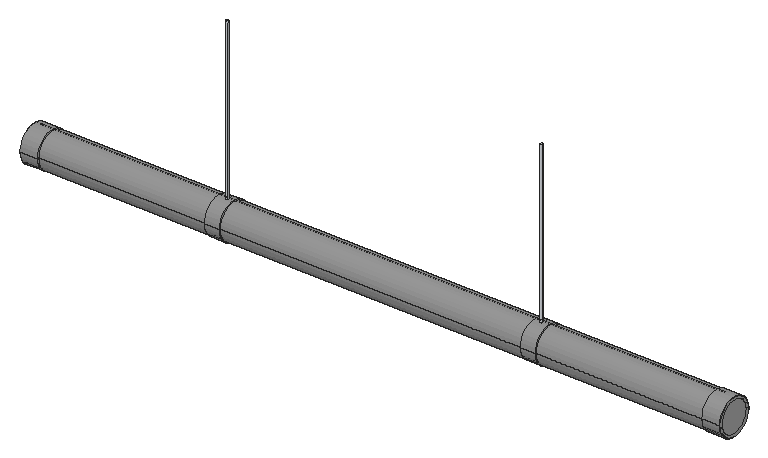
Revit family "JENNY_4000K_2000k", category Lighting Fixtures, host Ceiling, Revit 2021
Family settings
  Host = Ceiling
  Round Connector Dimension = Use Diameter
  Part Type = Normal
  OmniClass Number = 23.80.70.11
  OmniClass Title = Luminaries for Internal Lighting
  Always vertical = Yes
  Cut with Voids When Loaded = No
  Light Source = Yes
  Shared = No
  Room Calculation Point = No
Parameters (values of type "Type 1")
  Wattage = 13.4642 W
  built-in parameter 1150110 = 1 (stored number, unit not read)
  Type de lampe = "LED Edison"
  Type = "Tubulaire étanche"
  built-in parameter 1114217 = 1 (stored number, unit not read)
  Tilt Angle = 90.00°
  built-in parameter 1150109 = 1 (stored number, unit not read)
  built-in parameter 1150134 = 12
  built-in parameter 1150113 = 1 (stored number, unit not read)
  SDCM = "<5"
  Puissance nominale = "20W"
  Poids = "0,9 kgs"
  Photometric Web File = "google_eulumdat_converter (6).ies"
  Matériau = "Polycarbonate"
  Maintien du flux = "L80B10 (50 000 heures)"
  Lumens = 2000 lm
  built-in parameter 1150115 = 1 (stored number, unit not read)
  built-in parameter 1150105 = 159.15 (stored number, unit not read)
  built-in parameter 1150137 = (empty or 0)
  built-in parameter 1150139 = (empty or 0)
  built-in parameter 1150112 = 1 (stored number, unit not read)
  built-in parameter 1150114 = 1 (stored number, unit not read)
  built-in parameter 1150132 = 2
  built-in parameter 1150102 = (empty or 0)
  built-in parameter 1150138 = (empty or 0)
  built-in parameter 1150107 = 4000 (stored number, unit not read)
  built-in parameter 1150106 = 1.5915 (stored number, unit not read)
  IRC = ">80"
  Emit from Line Length = 609.6 mm
  built-in parameter 1150104 = 13.8 (stored number, unit not read)
  Durée de vie = "50 000 heures"
  Driver = "Driver Lifud"
  Dimming Lamp Color Temperature Shift = <None>
  Dimensions = "Ø 45 x 900 mm"
  Diffuseur = "Opale"
  Default Elevation = 0 mm
  Color Filter = 16777215
  built-in parameter 1114218 = 1 (stored number, unit not read)
  built-in parameter 1150133 = 10 (stored number, unit not read)
  Angle d'éclairage = "120°"
  Alimentation = "AC 200-240V"
Reference planes
  plane 1 "Light Source Axis (F/B)": y = 0
  plane 2: z = 0
  plane 3 "Light Source Axis (L/R)": x = 0
  plane 4 "Ceiling": z = 4000
  plane 5 "Light Source Elevation": z = 3750
Forms (mm)
  Extrusion 1, solid, material "Glass, White, High Luminance"
    sketch origin (0, 0, 0) x (0, 1, 0) y (0, 0, 1)
      loop
        circle (0, 3772.5) r 22.5
      loop
        circle (0, 3772.5) r 20
    from -450 to 450
  Extrusion 2, solid, material "Aluminum"
    sketch origin (0, 0, 0) x (0, 1, 0) y (0, 0, -1)
      loop
        circle (0, -3772.5) r 23.001
    from 427.28 to 450
  Extrusion 3, solid, material "Aluminum"
    sketch origin (0, 0, 0) x (0, 1, 0) y (0, 0, 1)
      loop
        circle (0, 3772.5) r 22.5
      loop
        circle (0, 3772.5) r 23.001
    from 193.684 to 212.824
  Extrusion 4, solid, material "Aluminum"
    sketch origin (0, 0, 0) x (0, 1, 0) y (0, 0, -1)
      loop
        circle (0, -3772.5) r 22.5
      loop
        circle (0, -3772.5) r 23.001
    from 193.684 to 212.824
  Extrusion 5, solid
    sketch origin (0, 0, 4000) x (0, 1, 0) y (-1, 0, 0)
      loop
        circle (0, 202.205) r 1.43
    from -205 to 0
  Extrusion 6, solid
    sketch origin (0, 0, 4000) x (0, -1, 0) y (1, 0, 0)
      loop
        circle (0, 202.205) r 1.43
    from -205 to 0
  Extrusion 7, solid, material "Aluminum"
    sketch origin (0, 0, 0) x (0, 1, 0) y (0, 0, 1)
      loop
        circle (0, 3772.5) r 23.001
    from 427.28 to 450
Lines and regions (mm)
  reference lines
    curve 1: line (0, 0, 4000) -> (300, 0, 4000)
    curve 2: line (0, 0, 4000) -> (-300, 0, 4000)
    curve 3: line (0, 0, 3750) -> (0, 0, 3795)
    curve 4: line (0, 0, 3772.5) -> (-450, 0, 3772.5)
    curve 5: line (0, 0, 3772.5) -> (450, 0, 3772.5)
Dimensions and locks
  equal spacing: host sketch curve, plane 3 "Light Source Axis (L/R)", host sketch curve
  equal spacing: host sketch curve, plane 1 "Light Source Axis (F/B)", host sketch curve
  host sketch curve to host sketch curve = 4000 mm  (x2)
  plane 4 "Ceiling" to host ceiling = 0 mm
  aligned and locked: plane 3 "Light Source Axis (L/R)" to imposter light
  aligned and locked: plane 1 "Light Source Axis (F/B)" to imposter light
  aligned and locked: plane 5 "Light Source Elevation" to imposter light
